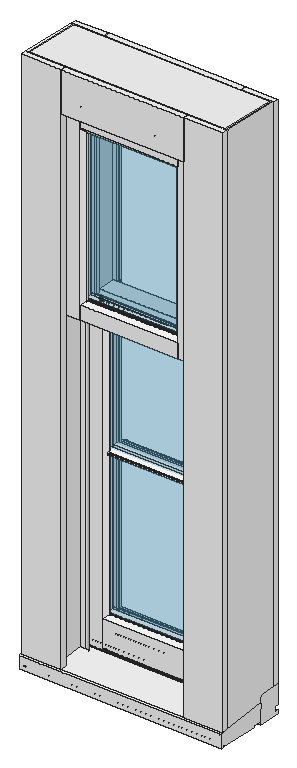
Revit family "B1-12", category Generic Models, Revit 2012 (continued)
Dimensions and locks
  plane 17 to plane 2 = 68 mm
  plane 20 to plane 12 = 100 mm
  Extrusion 74 to Extrusion 24 = 1397 mm
  plane 21 to plane 2 = 1397 mm
  aligned and locked: level to plane 2
  aligned and locked: Extrusion 5 to Extrusion 6
  aligned and locked: Extrusion 34 to Extrusion 33
  aligned and locked: plane 7 to Extrusion 23
  aligned and locked: Extrusion 16 to plane 8
  aligned and locked: Extrusion 14 to plane 8
  aligned and locked: Extrusion 21 to plane 8
  aligned and locked: Extrusion 18 to plane 8
  aligned and locked: Extrusion 20 to plane 8
  aligned and locked: Extrusion 17 to plane 8
  aligned and locked: Extrusion 19 to plane 8
  aligned and locked: Extrusion 22 to plane 8
  aligned and locked: Extrusion 8 to plane 8
  aligned and locked: Extrusion 10 to plane 8
  aligned and locked: Extrusion 3 to plane 8
  aligned and locked: Extrusion 9 to plane 8
  aligned and locked: Extrusion 5 to plane 8
  aligned and locked: Extrusion 7 to plane 8
  aligned and locked: Extrusion 2 to plane 8
  aligned and locked: Extrusion 6 to plane 8
  aligned and locked: Extrusion 9 to Extrusion 16
  aligned and locked: Extrusion 8 to Extrusion 16
  aligned and locked: Extrusion 29 to plane 8
  aligned and locked: Extrusion 27 to plane 8
  aligned and locked: Extrusion 31 to plane 8
  aligned and locked: Extrusion 34 to plane 8
  aligned and locked: Extrusion 33 to plane 8
  aligned and locked: Extrusion 35 to plane 8
  aligned and locked: Extrusion 36 to plane 8
  aligned and locked: Extrusion 32 to plane 8
  aligned and locked: Extrusion 28 to plane 8
  aligned and locked: Extrusion 4 to plane 8
  aligned and locked: plane 10 to Extrusion 2
  aligned and locked: plane 10 to Extrusion 40
  aligned and locked: plane 11 to Extrusion 1
  aligned and locked: Extrusion 44 to plane 11
  aligned and locked: Extrusion 43 to plane 11
  aligned and locked: plane 13 to Extrusion 43
  aligned and locked: plane 13 to Extrusion 44
  aligned and locked: plane 13 to Extrusion 54
  aligned and locked: plane 13 to Extrusion 53
  aligned and locked: plane 13 to Extrusion 52
  aligned and locked: plane 13 to Extrusion 46
  aligned and locked: Extrusion 15 to Extrusion 70
  aligned and locked: Extrusion 25 to plane 18
  aligned and locked: plane 21 to Extrusion 74
  aligned and locked: plane 4 to Extrusion 73
  aligned and locked: plane 4 to Extrusion 75
  aligned and locked: plane 4 to Extrusion 72
  aligned and locked: Extrusion 57 to Extrusion 37
  aligned and locked: Extrusion 58 to Extrusion 37
  aligned and locked: Extrusion 82 to Extrusion 37
  aligned and locked: plane 12 to Extrusion 69
  aligned and locked: plane 12 to Extrusion 64
  aligned and locked: Sweep 77 sketch curve to plane 12
Types (3, lengths in mm): name | Width | Height | GlazingPanelMaterial | Floor Material
  Window Sill drawing | 1600 | 1250 | Glass | White
  Access Manager | 1250 | 1250 | none | none
  window family | 511 | 1397 | Glass | 1.12A ANCHOR FIXING
